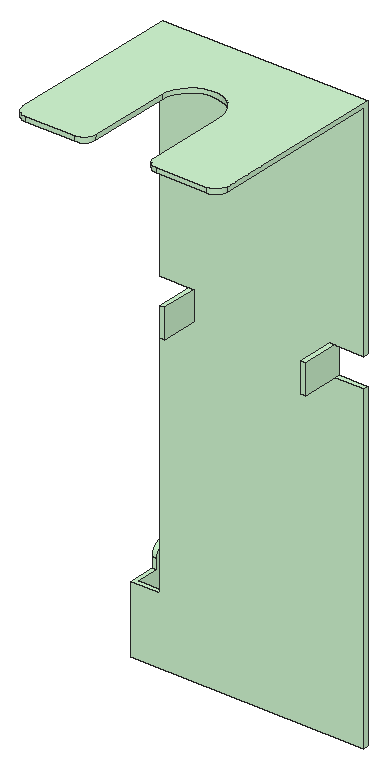
Revit family "tenkenko_c38", category 機械設備, Revit 2022
Family settings
  丸型コネクタ寸法 = 直径を使用
  種別 = なし
  パーツ タイプ = 標準
  作業面ベース = いいえ
  常に垂直 = はい
  ロード時にボイドで切り取り = いいえ
  注釈の向きを維持 = いいえ
  共有 = いいえ
  部屋計算ポイント = いいえ
Parameters
  製造元 = "株式会社桐井製作所"
  既定の高さ = 0 mm
  URL = "https://www.kirii.co.jp/"
  K_材質 = "溶融亜鉛めっき鋼板及び鋼帯 SGCC 一般用"
  K_品名 = "点検口C38+アクセス"
  K_名称 = "点検口金具"
  K_入数 = "200"
  K_バージョン情報 = "20220915"
  K_めっき付着量 = "Z12"
  K_JIS規格 = "JIS G 3302"
Reference planes
  plane 1 "中心(正面/背面)": y = 0
  plane 2: z = 0
  plane 3 "中心(左/右)": x = 0
Forms (mm)
  Extrusion 1, solid
    sketch origin (0, 0.2, 0) x (0, 1, 0) y (0, 0, -1)
      loop
        line (10.8, -2.5) -> (10, -2.5) -> (10, -100.7) -> (-21.2, -100.7) -> (-21.2, -101.5) -> (10.8, -101.5) -> (10.8, -2.5)
    from -40 to 0
  Extrusion 2, void
    sketch origin (0, 6.1, 0) x (1, 0, 0) y (0, 0, 1)
      loop
        line (40, 57.6) -> (40, 62.6) -> (35.001, 62.6) -> (35.001, 57.6) -> (40, 57.6)
    from -4.9 to -4.1
  Extrusion 3, solid
    sketch origin (-0.18, 6.1, 0) x (1, 0, 0) y (0, 0, -1)
      loop
        line (0.98, -17.8) -> (0.98, 0) -> (0.18, 0) -> (0.18, -17.8) -> (0.98, -17.8)
    from 4.1 to 32.3
  Extrusion 4, void
    sketch origin (0, 6.1, 0) x (0, 1, 0) y (0, 0, 1)
      loop
        line (13.8, 17.8) -> (13.8, 5) -> (27.3, 5) -> (27.3, 17.8) -> (13.8, 17.8)
    from 0 to 0.8
  Extrusion 5, void
    sketch origin (0, 6.1, 0) x (0, 1, 0) y (0, 0, 1)
      loop
        line (10.8, 17.8) -> (4.1, 17.8) -> (4.1, 14) -> (8.8, 14) -> (8.8, 15.8)
        arc (8.8, 15.8) -> (9.386, 17.214) -> (10.8, 17.8) r 2
      loop
        line (8.864, 2.5) -> (4.1, 2.5) -> (4.1, 0) -> (10.8, 0)
        arc (10.8, 0) -> (9.219, 0.775) -> (8.864, 2.5) r 2
      loop
        arc (30.3, 17.8) -> (31.714, 17.214) -> (32.3, 15.8) r 2
        line (32.3, 15.8) -> (32.3, 17.8) -> (30.3, 17.8)
      loop
        arc (32.3, 2) -> (31.714, 0.586) -> (30.3, 0) r 2
        line (30.3, 0) -> (32.3, 0) -> (32.3, 2)
    from 0 to 0.8
  Extrusion 6, solid
    sketch origin (-0.876, 6.1, 0) x (1, 0, 0) y (0, 0, 1)
      loop
        line (0.876, 5) -> (1.676, 5)
        arc (1.676, 5) -> (2.476, 8.097) -> (2.258, 11.287) r 10
        line (2.258, 11.287) -> (0.876, 17.8) -> (0.876, 14.247) -> (1.533, 11.151)
        arc (1.533, 11.151) -> (1.725, 8.02) -> (0.876, 5) r 9.4
    from -24.3 to -16.8
  Extrusion 7, void
    sketch origin (-0.876, 6.1, 0) x (0, 1, 0) y (0, 0, 1)
      loop
        line (24.3, 17.8) -> (16.8, 17.8) -> (20.55, 14.05) -> (24.3, 17.8)
    from 0.695 to 1.797
  Extrusion 8, void
    sketch origin (-30.001, 6.1, 0) x (1, 0, 0) y (0, 0, 1)
      loop
        line (40, 57.6) -> (40, 62.6) -> (35.001, 62.6) -> (35.001, 57.6) -> (40, 57.6)
    from -4.9 to -4.1
  Extrusion 9, void
    sketch origin (0, 0, 0) x (1, 0, 0) y (0, 0, 1)
      loop
        line (0, 101.5) -> (0, 14) -> (5, 14) -> (5, 101.5) -> (0, 101.5)
    from -11 to -10.2
  Extrusion 10, void
    sketch origin (0, 0, 0) x (1, 0, 0) y (0, 0, 1)
      loop
        line (0, 101.5) -> (0, 100.7) -> (5, 100.7) -> (5, 101.5) -> (0, 101.5)
    from -11 to 21
  Extrusion 11, void
    sketch origin (0, 0, 0) x (1, 0, 0) y (0, 1, 0)
      loop
        arc (27.5, -5) -> (22.5, 0) -> (17.5, -5) r 5
        line (17.5, -5) -> (17.5, -19)
        arc (17.5, -19) -> (16.914, -20.414) -> (15.5, -21) r 2
        line (15.5, -21) -> (29.5, -21)
        arc (29.5, -21) -> (28.086, -20.414) -> (27.5, -19) r 2
        line (27.5, -19) -> (27.5, -5)
      loop
        line (5, -19) -> (5, -21) -> (7, -21)
        arc (7, -21) -> (5.586, -20.414) -> (5, -19) r 2
      loop
        line (38, -21) -> (40, -21) -> (40, -19)
        arc (40, -19) -> (39.414, -20.414) -> (38, -21) r 2
    from 100.7 to 101.5
  Extrusion 12, solid
    sketch origin (24.201, 0, 0) x (1, 0, 0) y (0, 0, 1)
      loop
        line (9.999, 62.6) -> (9.999, 57.6) -> (10.799, 57.6) -> (10.799, 62.6) -> (9.999, 62.6)
    from -11 to -4
  Extrusion 13, solid
    sketch origin (0, 0, 0) x (1, 0, 0) y (0, 0, 1)
      loop
        line (9.999, 62.6) -> (9.999, 57.6) -> (10.799, 57.6) -> (10.799, 62.6) -> (9.999, 62.6)
    from -11 to -4
Cuts and joins
  Extrusion 2, Extrusion 5, Extrusion 8, Extrusion 9, Extrusion 10, Extrusion 11 cuts Extrusion 1
  Extrusion 2, Extrusion 4, Extrusion 5 cuts Extrusion 3
  Extrusion 7 cuts Extrusion 6
  joined: Extrusion 1, Extrusion 3, Extrusion 6, Extrusion 12, Extrusion 13
Dimensions and locks
  aligned and locked: level to plane 2
